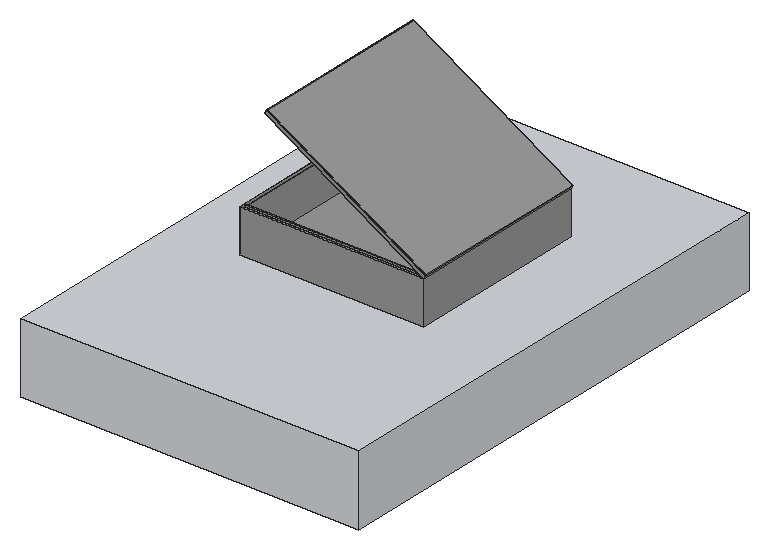
Revit family "Hager-Univers-IP44-D205-H800-Cl.II-Encl-ES-es", category Equipement électrique, Revit 2020
Family settings
  Hôte = Face
  Configuration du panneau = Deux colonnes, circuits au sein
  Cote de connecteur circulaire = Utiliser le diamètre
  Type d'élément = Tableau de raccordement
  Couper avec des vides une fois chargée = Non
  Partagée = Non
  Point de calcul de pièce = Non
Parameters (values of type "Montado superficial (escayola) IP44 A800 A800 P205  - FP53SN2")
  Width Control [instance] = if([EF000008 - Anchura] > Min Width, [EF000008 - Anchura], Min Width)  # 800 mm
  Commentaires du type = [HG000003 - Gama]  # "Univers"
  Thickness Door [instance] = if([EF009171 - Espesor puerta/tapa] > 3 mm, 3 mm, [EF009171 - Espesor puerta/tapa])  # 1 mm
  Seal Frame Offset [instance] = 17 mm  # constant formula
  Plinth Visibility [instance] = [HG000027 - Altura de zócalo] > 0 mm  # no
  Model = ""
  Min Width [instance] = 100 mm  # constant formula
  Min Height [instance] = 100 mm  # constant formula
  Min Depth [instance] = (2 * [EF009170 - Espesor del material de la caja]) + 1 mm  # 3 mm
  Internal Frame Depth [instance] = (Door System Depth * 0.5)  # 9 mm
  Height Control [instance] = if([EF000040 - Altura] > Min Height, [EF000040 - Altura], Min Height)  # 800 mm
  HG000027 - Altura de zócalo = 0 mm
  HG000026 - Instalación en suelo = no
  HG000024 - Altura de la sección inferior = 800 mm
  HG000023 - Caja de doble sección = no
  HG000016 - Visibilidad de la puerta 3D [instance] = yes
  HG000015 - Visibilidad a través de la puerta [instance] = no
  HG000014 - Puerta a la derecha [instance] = yes
  HG000013 - Puerta a la izquierda [instance] = not([HG000014 - Puerta a la derecha])  # no
  HG000012 - Ángulo de giro de la puerta [instance] = 30.00°
  HG000010 - Puertas asimétricas = no
  HG000009 - Puerta batiente doble = no
  HG000006 - Empotrado = no
  HG000004 - Referencia del fabricante = "FP53SN2"
  HG000003 - Gama = "Univers"
  HG000002 - Con puerta o tapa = yes
  Frame Offset Bottom [instance] = 10 mm  # constant formula
  Frame Offset [instance] = 15 mm  # constant formula
  EF015940 - Tapa con alivio de sobrepresión = no
  EF011959 - Grado de protección (NEMA) = ""
  EF009554 - Número de aberturas para placas-brida = 6
  Fabricant = "Hager"  # constant formula
  EF009212 - Versión de la cubierta = "EV000116 - Cerrado"
  EF009171 - Espesor puerta/tapa = 1 mm
  EF009170 - Espesor del material de la caja = 1 mm
  EF008873 - Corriente nominal (In) = 250 A
  EF007800 - Adecuado para la protección contra rayos = no
  EF006306 - Con cierre = no
  EF006244 - Tapa/puerta transparente = no
  EF005474 - Grado de protección (IP) = "EV006418 - IP44"
  EF004464 - Tipo de puerta = "EV002646 - Único"
  EF004427 - Número de módulos = 180
  EF004293 - Resistencia al impacto (IK) = "EV006815 - IK09"
  EF003532 - Adecuado para uso en exteriores = no
  EF002950 - Anchura de unidades de división = 36
  EF001613 - Integridad del circuito = "EV000494 - Ninguno"
  EF001596 - Material de la carcasa = "EV000179 - Acero"
  EF001131 - Profundidad interna = 130 mm
  EF001088 - Posibilidad de extensión = yes
  EF000437 - Número de entradas de conductos de cables = 6
  EF000339 - Tipo de cubierta = "EV004216 - Puerta"
  EF000266 - Número de filas = 5
  EF000218 - Profundidad de instalación = 205 mm
  EF000118 - Con placa de montaje = no
  EF000116 - Número RAL = "9010"
  EF000049 - Profundidad = 205 mm
  EF000040 - Altura = 800 mm
  EF000008 - Anchura = 800 mm
  EF000007 - Color = "EV000202 - Blanco"
  EF000003 - Tipo de montaje = "EV000384 - Montado superficial (escayola)"
  Door System Leaf Tolerance [instance] = 1.5 mm  # constant formula
  Door System Depth [instance] = 18 mm  # constant formula
  Door Height [instance] = Height Control - [HG000027 - Altura de zócalo]  # 800 mm
  Depth Control [instance] = if([EF000049 - Profundidad] > Min Depth, [EF000049 - Profundidad], Min Depth)  # 205 mm
  Default Elevation = 0 mm
  Connector Offset [instance] = Height Control / 2  # 400 mm
  Bottom Top Plate Trim [instance] = 1.5 mm  # constant formula
  Plinth height Ctrl [instance] = if([HG000027 - Altura de zócalo] > 0 mm, [HG000027 - Altura de zócalo], 12 mm)  # 12 mm
Types (5, lengths in mm): name | Width Control | HG000010 - Puertas asimétricas | HG000009 - Puerta batiente doble | HG000004 - Referencia del fabricante | EF009554 - Número de aberturas para placas-brida | EF004464 - Tipo de puerta | EF004427 - Número de módulos | EF002950 - Anchura de unidades de división | EF000437 - Número de entradas de conductos de cables | EF000339 - Tipo de cubierta | EF000008 - Anchura
  Montado superficial (escayola) IP44 A1050 A800 P205  - FP54SN2 | 1050 | no | yes | "FP54SN2" | 8 | "EV003602 - Doble" | 240 | 48 | 8 | "EV004216 - Puerta" | 1050
  Montado superficial (escayola) IP44 A1300 A800 P205  - FP55SN2 | 1300 | yes | yes | "FP55SN2" | 10 | "EV003602 - Doble" | 300 | 60 | 10 | "EV004216 - Puerta" | 1300
  Montado superficial (escayola) IP44 A300 A800 P205  - FP51SN2 | 300 | no | no | "FP51SN2" | 2 | "EV002646 - Único" | 60 | 12 | 2 | "EV001012 - Cubrir" | 300
  Montado superficial (escayola) IP44 A550 A800 P205  - FP52SN2 | 550 | no | no | "FP52SN2" | 4 | "EV002646 - Único" | 120 | 24 | 4 | "EV001012 - Cubrir" | 550
  Montado superficial (escayola) IP44 A800 A800 P205  - FP53SN2 | 800 | no | no | "FP53SN2" | 6 | "EV002646 - Único" | 180 | 36 | 6 | "EV004216 - Puerta" | 800
Reference planes
  plane 1 "Center (Front/Back)": y = 0
  plane 2: z = 0
  plane 3 "Center (Left/Right)": x = 0
  plane 4: z = 205
  plane 5: y = 1
  plane 6: y = 400
  plane 7: y = 0
  plane 8: y = 800
  plane 9: z = 0
  plane 10: x = -385
  plane 11: x = 385
  plane 12: x = 384
  plane 13: x = -384
  plane 14: y = 799
  plane 15: x = -383
  plane 16: x = -400
  plane 17: x = 383
  plane 18: x = 400
  plane 19: x = 399
  plane 20: x = -399
  plane 21: y = 11
  plane 22: y = 800
  plane 23: y = 784
  plane 24: z = 187
  plane 25: z = 1
  plane 26: z = 186
  plane 27: z = 204
Forms (mm)
  Extrusion 1, solid
    sketch origin (0, 0, 0) x (1, 0, 0) y (0, 1, 0)
      loop
        line (-702.964, 1305) -> (-702.964, -811.445) -> (766.763, -811.445) -> (766.763, 1305) -> (-702.964, 1305)
    from 0 to -304.8
  Extrusion 2, solid, material "Hager_Steel_RAL7035_Light_Grey", visible <- "Plinth Visibility", detail levels medium+fine
    sketch origin (0, 0, 0) x (1, 0, 0) y (0, 1, 0)
      loop
        line (-400, 0) -> (400, 0) -> (400, 12) -> (-400, 12) -> (-400, 0)
    from 0 to 187
  Extrusion 3, solid, material "Hager_Steel_RAL7035_Light_Grey", detail levels medium+fine
    sketch origin (0, 0, 0) x (1, 0, 0) y (0, 1, 0)
      loop
        line (-400, 0) -> (400, 0) -> (400, 800) -> (-400, 800) -> (-400, 0)
    from 0 to 187
  Extrusion 4, void
    sketch origin (0, 0, 0) x (1, 0, 0) y (0, 1, 0)
      loop
        line (-399, 1) -> (399, 1) -> (399, 799) -> (-399, 799) -> (-399, 1)
    from 1 to 186
  Extrusion 5, void
    sketch origin (-381.607, -4572, 187) x (0, -1, 0) y (-1, 0, 0)
      loop
        line (-4583, 2.393) -> (-5356, 2.393) -> (-5356, -765.607) -> (-4583, -765.607) -> (-4583, 2.393)
    from 0 to 1 <- "EF009170 - Espesor del material de la caja"
  Extrusion 6, solid, material "Hager_Steel_RAL7035_Light_Grey", detail levels fine
    sketch origin (0, 0, 187) x (1, 0, 0) y (0, 1, 0)
      loop
        line (-384, 784) -> (-384, 11) -> (384, 11) -> (384, 784) -> (-384, 784)
      loop
        line (-385, 10) -> (385, 10) -> (385, 785) -> (-385, 785) -> (-385, 10)
    from 0 to 9 <- "Internal Frame Depth"
  Extrusion 7, solid, material "Hager_Steel_RAL7035_Light_Grey", detail levels coarse
    sketch origin (0, 0, 0) x (1, 0, 0) y (0, 1, 0)
      loop
        line (-400, 0) -> (400, 0) -> (400, 800) -> (-400, 800) -> (-400, 0)
    from 0 to 205
  Sweep 8, void
    path in 3D
      loop
        line (-400, 12, 0) -> (400, 12, 0) -> (400, 12, 187) -> (-400, 12, 187) -> (-400, 12, 0)
    profile origin (-400, 12, 93.5) x (-1, 0, 0) y (0, -1, 0)
      loop
        line (0, 0) -> (0, 1.5) -> (-1.5, 1.5)
        arc (-1.5, 1.5) -> (-1.061, 0.439) -> (0, 0) r 1.5
Cuts and joins
  Extrusion 4, Extrusion 5 cuts Extrusion 3
  Sweep 8 cuts Extrusion 2
Lines and regions (mm)
  Masking region 1
    outline origin (0, 0, 0) x (1, 0, 0) y (0, 0, 1)
      loop
        line (-400, 205) -> (-400, 0) -> (400, 0) -> (400, 205) -> (-400, 205)
  Masking region 2, detail levels medium+fine
    outline origin (0, 140, 0) x (0, 1, 0) y (0, 0, 1)
      loop
        line (-140, 0) -> (660, 0) -> (660, 187) -> (-140, 187) -> (-140, 0)
  Masking region 3, not visible, detail levels medium+fine
    outline origin (0, 297.922, 0) x (0, 1, 0) y (0, 0, 1)
      loop
        line (113.578, 0) -> (153.578, 0) -> (153.578, 194)
        arc (153.578, 194) -> (150.649, 201.071) -> (143.578, 204) r 10
        line (143.578, 204) -> (113.578, 204) -> (113.578, 0)
  Masking region 4, detail levels coarse
    outline origin (0, 0, 180) x (0, 1, 0) y (0, 0, 1)
      loop
        line (0, -180) -> (800, -180) -> (800, 25) -> (0, 25) -> (0, -180)
  Masking region 5, visible <- "Plinth Visibility", detail levels medium+fine
    outline origin (0, 52.24, 12.345) x (0, 0, -1) y (0, 1, 0)
      loop
        line (10.845, -40.24) -> (-173.155, -40.24)
        arc (-173.155, -40.24) -> (-173.594, -41.301) -> (-174.655, -41.74) r 1.5
        line (-174.655, -41.74) -> (-174.655, -52.24) -> (12.345, -52.24) -> (12.345, -41.74)
        arc (12.345, -41.74) -> (11.285, -41.301) -> (10.845, -40.24) r 1.5
  Masking region 6, detail levels medium+fine
    outline origin (-381.607, -4572, 187) x (-1, 0, 0) y (0, -1, 0)
      loop
        line (18.393, -5372) -> (18.393, -4572) -> (-781.607, -4572) -> (-781.607, -5372) -> (18.393, -5372)
  Masking region 7, visible <- "Plinth Visibility", detail levels medium+fine
    outline origin (-381.607, -4727, 187) x (-1, 0, 0) y (0, -1, 0)
      loop
        arc (16.893, -4739) -> (17.332, -4737.939) -> (18.393, -4737.5) r 1.5
        line (18.393, -4737.5) -> (18.393, -4727) -> (-781.607, -4727) -> (-781.607, -4737.5)
        arc (-781.607, -4737.5) -> (-780.546, -4737.939) -> (-780.107, -4739) r 1.5
        line (-780.107, -4739) -> (16.893, -4739)
  Masking region 8, detail levels coarse
    outline origin (-442.548, -4669.526, 187) x (-1, 0, 0) y (0, -1, 0)
      loop
        line (-42.548, -5469.526) -> (-42.548, -4669.526) -> (-842.548, -4669.526) -> (-842.548, -5469.526) -> (-42.548, -5469.526)
  sketch lines
    curve 1: line (-400, 12, 187) -> (-400, 12, 0)
    curve 2: line (400, 12, 187) -> (-400, 12, 187)
    curve 3: line (400, 12, 187) -> (400, 12, 0)
    curve 4: line (-400, 12, 0) -> (400, 12, 0)
Dimensions and locks
  "Depth Control": plane 4 to Extrusion 1
  "HG000027 - Altura de zócalo": plane 1 "Center (Front/Back)" to plane 7
  "EF009170 - Espesor del material de la caja": plane 5 to plane 7
  locked: connector elem to plane 3 "Center (Left/Right)"
  equal spacing: plane 8, plane 6, plane 7
  locked: connector elem to plane 6
  "EF009170 - Espesor del material de la caja": plane 8 to plane 14
  "EF009170 - Espesor del material de la caja": plane 10 to plane 13
  "EF009170 - Espesor del material de la caja": plane 12 to plane 11
  "Frame Offset": plane 20 to plane 13
  "Frame Offset": plane 12 to plane 19
  "EF009170 - Espesor del material de la caja": plane 16 to plane 20
  "EF009170 - Espesor del material de la caja": plane 19 to plane 18
  "Seal Frame Offset": plane 16 to plane 15
  "Seal Frame Offset": plane 17 to plane 18
  "Frame Offset Bottom": plane 21 to plane 5
  "Frame Offset": plane 14 to plane 23
  equal spacing: plane 16, plane 3 "Center (Left/Right)", plane 18
  "Width Control": plane 16 to plane 18
  "EF009170 - Espesor del material de la caja": plane 4 to plane 27
  "EF009170 - Espesor del material de la caja": plane 24 to plane 26
  "EF009170 - Espesor del material de la caja": plane 25 to level
  "Door System Depth": plane 4 to plane 24
  "Height Control": plane 1 "Center (Front/Back)" to Extrusion 7 sketch curve
  "Height Control": Masking region 4 sketch curve to plane 1 "Center (Front/Back)"
  "Height Control": plane 1 "Center (Front/Back)" to plane 22
  "Bottom Top Plate Trim": profile plane to Sweep 8 sketch curve
  "Bottom Top Plate Trim": Sweep 8 sketch curve to profile plane
  "Plinth height Ctrl": plane 1 "Center (Front/Back)" to Extrusion 2 sketch curve
  "Plinth height Ctrl": Masking region 5 sketch curve to plane 1 "Center (Front/Back)"
  "Plinth height Ctrl": plane 1 "Center (Front/Back)" to Masking region 7 sketch curve
  "Thickness Door": Extrusion 6 sketch curve to Extrusion 6 sketch curve  (x3)
  "Thickness Door": cut or joined group of Extrusion 3, Extrusion 4, Extrusion 5 to Extrusion 6 sketch curve
  radius of Masking region 3 sketch curve = 10 mm
  "Bottom Top Plate Trim": radius of Masking region 5 sketch curve  (x2)
  "Bottom Top Plate Trim": radius of Sweep 8 sketch curve
  "Bottom Top Plate Trim": radius of Masking region 7 sketch curve  (x2)
  aligned and locked: plane 2 to Extrusion 1
  aligned and locked: level to Extrusion 1
  aligned and locked: level to Masking region 1 sketch curve
  aligned and locked: Masking region 1 sketch curve to plane 18
  aligned and locked: Masking region 1 sketch curve to plane 16
  aligned and locked: plane 7 to Masking region 2 sketch curve
  aligned and locked: level to Masking region 3 sketch curve
  aligned and locked: Masking region 3 sketch curve to plane 27
  aligned and locked: level to Masking region 2 sketch curve
  aligned and locked: plane 1 "Center (Front/Back)" to Extrusion 2 sketch curve
  aligned and locked: Extrusion 3 sketch curve to plane 7
  aligned and locked: plane 16 to Extrusion 3 sketch curve
  aligned and locked: plane 18 to Extrusion 3 sketch curve
  aligned and locked: plane 20 to Extrusion 4 sketch curve
  aligned and locked: plane 19 to Extrusion 4 sketch curve
  aligned and locked: Extrusion 4 sketch curve to plane 5
  aligned and locked: Extrusion 4 to plane 25
  aligned and locked: plane 26 to Extrusion 4
  aligned and locked: plane 24 to Extrusion 3
  aligned and locked: Extrusion 5 sketch curve to plane 21
  aligned and locked: Extrusion 5 sketch curve to plane 13
  aligned and locked: Extrusion 5 sketch curve to plane 12
  aligned and locked: plane 18 to Extrusion 7 sketch curve
  aligned and locked: plane 1 "Center (Front/Back)" to Extrusion 7 sketch curve
  aligned and locked: plane 16 to Extrusion 7 sketch curve
  aligned and locked: plane 4 to Extrusion 7
  aligned and locked: Extrusion 7 to level
  aligned and locked: level to Masking region 4 sketch curve
  aligned and locked: Masking region 4 sketch curve to plane 1 "Center (Front/Back)"
  aligned and locked: Masking region 4 sketch curve to plane 4
  aligned and locked: nested 1 to level
  aligned and locked: nested 1 to plane 16
  aligned and locked: plane 8 to Extrusion 3 sketch curve
  aligned and locked: plane 23 to Extrusion 5 sketch curve
  aligned and locked: plane 14 to Extrusion 4 sketch curve
  aligned and locked: Masking region 2 sketch curve to plane 8
  aligned and locked: level to Masking region 5 sketch curve
  aligned and locked: plane 16 to Extrusion 2 sketch curve
  aligned and locked: plane 18 to Extrusion 2 sketch curve
  aligned and locked: Masking region 5 sketch curve to plane 24
  aligned and locked: Masking region 2 sketch curve to plane 24
  aligned and locked: plane 24 to Extrusion 2
  aligned and locked: profile plane to Sweep 8 sketch curve  (x2)
  aligned and locked: Masking region 6 sketch curve to plane 18
  aligned and locked: Masking region 6 sketch curve to plane 22
  aligned and locked: Masking region 6 sketch curve to plane 16
  aligned and locked: plane 8 to plane 22
  aligned and locked: Masking region 6 sketch curve to plane 7
  aligned and locked: Masking region 7 sketch curve to plane 16
  aligned and locked: Masking region 7 sketch curve to plane 1 "Center (Front/Back)"
  aligned and locked: Masking region 7 sketch curve to plane 18
  aligned and locked: Masking region 8 sketch curve to plane 1 "Center (Front/Back)"
  aligned and locked: Masking region 8 sketch curve to plane 18
  aligned and locked: Masking region 8 sketch curve to plane 22
  aligned and locked: Masking region 8 sketch curve to plane 16
  aligned and locked: nested 2 to plane 7
  aligned and locked: plane 3 "Center (Left/Right)" to nested 2
  aligned and locked: nested 2 to plane 24
  aligned and locked: Extrusion 6 sketch curve to cut or joined group of Extrusion 3, Extrusion 4, Extrusion 5  (x4)
Automatic sketch dimensions
  Extrusion 1 sketch curve to Extrusion 1 sketch curve = 1469.727 mm
  Extrusion 1 sketch curve to Extrusion 1 sketch curve = 2116.445 mm
  Masking region 1 sketch curve to plane 4 = 0 mm
  plane 6 to Masking region 3 sketch curve = 11.5 mm
  Masking region 3 sketch curve to Masking region 3 sketch curve = 30 mm
  Masking region 5 sketch curve to plane 1 "Center (Front/Back)" = 0 mm
Nested families
  nested 1: "Hager_Enclosure_Symbol" at (-400, 0, 0) x (1, 0, 0) z (0, -1, 0), Height <- "Depth Control", Width <- "Width Control", type "Hager_Enclosure_Symbol"
    with Width_Ctrl 800 mm, Width 800 mm, Height_Ctrl 205 mm, Height 205 mm, A_Width_Int 13.453 mm, A_Width 161.438 mm, A_Height_Ctrl 179.375 mm, A_Height 179.375 mm
  nested 2: "EC000058_Univers_Door" at (0, 0, 187) x (1, 0, 0) z (0, 1, 0), Leaf_Tolerance <- "Door System Leaf Tolerance", Angle <- "HG000012 - Ángulo de giro de la puerta", Door_Depth <- "Door System Depth", Door_Left <- "HG000013 - Puerta a la izquierda", Transparent <- "EF006244 - Tapa/puerta transparente", Assymetrical <- "HG000010 - Puertas asimétricas", Width <- "Width Control", Clearance <- "HG000015 - Visibilidad a través de la puerta", Double <- "HG000009 - Puerta batiente doble", 3d_Door <- "HG000016 - Visibilidad de la puerta 3D", Lock_Visibility <- "EF006306 - Con cierre", Width_Ctrl <- "Width Control", Door_Right <- "HG000014 - Puerta a la derecha", Door <- "HG000002 - Con puerta o tapa", Height <- "Door Height", Thickness <- "Thickness Door", type "EC000058_Univers_Door", detail levels medium+fine
    with min_wh 3 mm, Width_Ctrl 800 mm, Width 800 mm, Transparent no, Thickness 1 mm, Seal_Material Hager_Rubber, Lock_Visibility no, Lock_Material Hager_Plastic_RAL9005_Jet_Black, Leaf_Width 800 mm, Leaf_Tolerance_External_Sides 0 mm, Leaf_Tolerance 1.5 mm, Leaf_Offset 0 mm, Leaf_Height 797 mm, Leaf_2_Width 800 mm, Leaf_2_Offset 400 mm, Leaf_1_Width 800 mm, Leaf_1_Offset 400 mm, Height_Ctrl 800 mm, Height 800 mm, Glass_Material Hager_Glass, Double_Clearance_Ctrl no, Double no, Door_Right_Ctrl yes, Door_Right yes, Door_Material Hager_Steel_RAL7035_Light_Grey, Door_Left_Ctrl no, Door_Left no, Door_Depth 18 mm, Door yes, Clearance_Material Hager_Clearance, Clearance_Depth 800 mm, Clearance_Ctrl no, Clearance no, Assymetrical no, Angle 30.00°, 3d_Door yes
Connectors
  electrical at (0, 400, 0)
    settings: on plane 9, index 1, voltage 0 V, apparent load 0 VA, apparent load phase1 0 VA, apparent load phase2 0 VA, apparent load phase3 0 VA, power factor 1, load classification "Other", number of poles 1, system type 30, power factor state 1, is connector primary yes, connector utility no, sub classification motor no, connector description ""
Definition of nested family "EC000058_Univers_Door"
  Parameters (values of type "EC000058_Univers_Door")
    min_wh [instance] = (2 * Thickness) + 1 mm  # 11 mm
    Width_Ctrl [instance] = 400 mm
    Width [instance] = 500 mm
    Transparent [instance] = yes
    Thickness [instance] = 5 mm
    Seal_Material [instance] = none
    Lock_Visibility [instance] = yes
    Lock_Material [instance] = none
    Leaf_Width [instance] = if((Width_Ctrl - 2 * Leaf_Tolerance_External_Sides) > 0 mm, (Width_Ctrl - 2 * Leaf_Tolerance_External_Sides), min_wh)  # 400 mm
    Leaf_Tolerance_External_Sides [instance] = 0 mm  # constant formula
    Leaf_Tolerance [instance] = 1.5 mm
    Leaf_Offset [instance] = 0 mm  # constant formula
    Leaf_Height [instance] = if((Height_Ctrl - 2 * Leaf_Tolerance) > 0 mm, (Height_Ctrl - 2 * Leaf_Tolerance), min_wh)  # 497 mm
    Leaf_2_Width [instance] = if(and(and(Double, Assymetrical), Door_Left), (Leaf_Width / 3) - (Leaf_Tolerance / 2), if(and(and(Double, Assymetrical), Door_Right), (Leaf_Width / 3) * 2 - (Leaf_Tolerance / 2), if(and(Double, not(Assymetrical)), (Leaf_Width / 2) - Leaf_Tolerance, Leaf_Width)))  # 400 mm
    Leaf_2_Offset [instance] = if(and(Double, Assymetrical), Leaf_2_Width / 2, if(and(Double, not(Assymetrical)), Leaf_Width / 4, Leaf_Width / 2))  # 200 mm
    Leaf_1_Width [instance] = if(and(and(Double, Assymetrical), Door_Right), (Leaf_Width / 3) - (Leaf_Tolerance / 2), if(and(and(Double, Assymetrical), Door_Left), (Width / 3) * 2 - (Leaf_Tolerance / 2), if(and(Double, not(Assymetrical)), (Leaf_Width / 2) - Leaf_Tolerance, Leaf_Width)))  # 400 mm
    Leaf_1_Offset [instance] = if(and(Double, Assymetrical), Leaf_1_Width / 2, if(and(Double, not(Assymetrical)), Leaf_Width / 4, Leaf_Width / 2))  # 200 mm
    Height_Ctrl [instance] = if(Height > min_wh, Height, min_wh)  # 500 mm
    Height [instance] = 500 mm
    Glass_Material [instance] = none
    Double_Clearance_Ctrl [instance] = and(Double, Clearance)  # no
    Double [instance] = no
    Door_Right_Ctrl [instance] = and(or(Door_Right, Double), Door)  # yes
    Door_Right [instance] = yes
    Door_Material [instance] = none
    Door_Left_Ctrl [instance] = and(or(Door_Left, Double), Door)  # no
    Door_Left [instance] = no
    Door_Depth [instance] = 30 mm
    Door [instance] = yes
    Default Elevation = 1219.2 mm
    Clearance_Material [instance] = none
    Clearance_Depth [instance] = if(Leaf_1_Width > Leaf_2_Width, Leaf_1_Width, Leaf_2_Width)  # 400 mm
    Clearance_Ctrl [instance] = and(not(Double), Clearance)  # yes
    Clearance [instance] = yes
    Assymetrical [instance] = yes
    Angle [instance] = 30.00°
    3d_Door [instance] = yes
  Reference planes
    plane 1 "Center (Front/Back)": y = 0
    plane 2 "Bottom": z = 0
    plane 3 "Center (Left/Right)": x = 0
    plane 4: z = 500
    plane 5: x = -200
    plane 6: x = 200
    plane 7: z = 500
    plane 8: x = -200
    plane 9: z = 0
    plane 10: x = 200
    plane 11: y = 0
    plane 12: z = 1.5
    plane 13: x = -600
    plane 14: y = -400
    plane 15: x = 600
    plane 16: x = 0
    plane 17: x = 0
    plane 18: x = -200
    plane 19: x = 200
    plane 20: z = 498.5
  Forms (mm)
    Extrusion 1, solid, material <- "Clearance_Material", visible <- "Double_Clearance_Ctrl"
      sketch origin (1200, 0, 0) x (1, 0, 0) y (0, 0, -1)
        loop
          line (-1800, -498.5) -> (-600, -498.5) -> (-600, 0) -> (-1800, 0) -> (-1800, -498.5)
      from 0 to -400
  Dimensions and locks
    equal spacing: plane 5, plane 3 "Center (Left/Right)", plane 6
    "Width_Ctrl": plane 5 to plane 6
    "Leaf_Offset": plane 5 to plane 8
    "Leaf_Offset": plane 6 to plane 10
    "Leaf_Offset": plane 9 to level
    "Leaf_Offset": plane 4 to plane 7
    "Height_Ctrl": plane 4 to level
    "Leaf_Tolerance": plane 12 to plane 9
    locked: plane 11 to plane 1 "Center (Front/Back)"
    "Leaf_1_Offset": plane 18 to plane 16
    "Leaf_2_Offset": plane 17 to plane 19
    "Leaf_1_Width": plane 13 to plane 8
    "Leaf_2_Width": plane 10 to plane 15
    "Clearance_Depth": plane 14 to plane 1 "Center (Front/Back)"
    "Leaf_Tolerance_External_Sides": plane 8 to plane 18
    "Leaf_Tolerance_External_Sides": plane 19 to plane 10
    "Leaf_Tolerance": plane 7 to plane 20
    aligned and locked: level to plane 2 "Bottom"
    aligned and locked: nested 1 to plane 16
    aligned and locked: nested 2 to plane 17
    aligned and locked: Extrusion 1 to plane 13
    aligned and locked: plane 15 to Extrusion 1
    aligned and locked: Extrusion 1 to plane 14
    aligned and locked: plane 12 to nested 1
    aligned and locked: nested 2 to plane 12
    aligned and locked: Extrusion 1 to plane 11
    aligned and locked: plane 20 to Extrusion 1
    aligned and locked: nested 2 to plane 11
    aligned and locked: nested 1 to plane 11
  Automatic sketch dimensions
    Extrusion 1 sketch curve to level = 0 mm
    plane 5 to Extrusion 1 sketch curve = 400 mm
    plane 6 to Extrusion 1 sketch curve = 400 mm
    Extrusion 1 sketch curve to plane 4 = 1.5 mm
  Nested families
    nested 1: "EC000058_Univers_Door_Leaf" at (0, 0, 1.5), Width <- "Leaf_1_Width", visible <- "Door_Left_Ctrl", Leaf_Height <- "Leaf_Height", Angle <- "Angle", 3d_Door <- "3d_Door", Transparent <- "Transparent", Clearance Material <- "Clearance_Material", Clearance <- "Clearance_Ctrl", Door_Material <- "Door_Material", Glass_Material <- "Glass_Material", Door_Depth <- "Door_Depth", Lock_Material <- "Lock_Material", Seal_Material <- "Seal_Material", Lock_Visibility <- "Lock_Visibility", Thickness <- "Thickness", type "EC000058_Univers_Door_Leaf"
      with Width 400 mm, Transparent_Glass_Offset 30 mm, Transparent_Ctrl yes, Transparent yes, Thickness 5 mm, Standard no, Seal_Material none, Seal_D2 8 mm, Seal_D1 1 mm, Offset_Internal_Frame 10 mm, Lock_Width 20 mm, Lock_Visibility_3d yes, Lock_Visibility yes, Lock_Thickness_3 3 mm, Lock_Thickness_2 1 mm, Lock_Thickness_1 3 mm, Lock_Radius_Offset_2 16 mm, Lock_Radius_Offset_1 15 mm, Lock_Radius_2 5 mm, Lock_Radius 6 mm, Lock_Offset 5 mm, Lock_Material none, Lock_Height 80 mm, Lock_Cover_Top_Offset_2d 17 mm, Lock_Cover_Height -65 mm, Leaf_Height 497 mm, Internal_Seal_Thickness 8 mm, Internal_Seal_Depth_2 4.5 mm, Internal_Frame_Depth 25 mm, Glass_Thickness -1 mm, Glass_Offset -2 mm, Glass_Material none, Door_Material none, Door_Depth 30 mm, Clearance Material none, Clearance yes, Angle_Ctrl 30.00°, Angle 30.00°, 3d_Door yes
    nested 2: "EC000058_Univers_Door_Leaf" at (0, 0, 1.5) x (-1, 0, 0) z (0, 0, 1), Width <- "Leaf_2_Width", visible <- "Door_Right_Ctrl", Leaf_Height <- "Leaf_Height", Angle <- "Angle", 3d_Door <- "3d_Door", Transparent <- "Transparent", Clearance Material <- "Clearance_Material", Clearance <- "Clearance_Ctrl", Door_Material <- "Door_Material", Glass_Material <- "Glass_Material", Door_Depth <- "Door_Depth", Lock_Material <- "Lock_Material", Seal_Material <- "Seal_Material", Lock_Visibility <- "Lock_Visibility", Thickness <- "Thickness", type "EC000058_Univers_Door_Leaf"
      with Width 400 mm, Transparent_Glass_Offset 30 mm, Transparent_Ctrl yes, Transparent yes, Thickness 5 mm, Standard no, Seal_Material none, Seal_D2 8 mm, Seal_D1 1 mm, Offset_Internal_Frame 10 mm, Lock_Width 20 mm, Lock_Visibility_3d yes, Lock_Visibility yes, Lock_Thickness_3 3 mm, Lock_Thickness_2 1 mm, Lock_Thickness_1 3 mm, Lock_Radius_Offset_2 16 mm, Lock_Radius_Offset_1 15 mm, Lock_Radius_2 5 mm, Lock_Radius 6 mm, Lock_Offset 5 mm, Lock_Material none, Lock_Height 80 mm, Lock_Cover_Top_Offset_2d 17 mm, Lock_Cover_Height -65 mm, Leaf_Height 497 mm, Internal_Seal_Thickness 8 mm, Internal_Seal_Depth_2 4.5 mm, Internal_Frame_Depth 25 mm, Glass_Thickness -1 mm, Glass_Offset -2 mm, Glass_Material none, Door_Material none, Door_Depth 30 mm, Clearance Material none, Clearance yes, Angle_Ctrl 30.00°, Angle 30.00°, 3d_Door yes
  Definition of nested family "EC000058_Univers_Door_Leaf"
    Parameters (values of type "EC000058_Univers_Door_Leaf")
      Width [instance] = 2000 mm
      Transparent_Glass_Offset [instance] = 30 mm
      Transparent_Ctrl [instance] = and(Transparent, [3d_Door])  # yes
      Transparent [instance] = yes
      Thickness [instance] = 5 mm
      Standard [instance] = and(not(Transparent), [3d_Door])  # no
      Seal_Material [instance] = none
      Seal_D2 [instance] = 8 mm  # constant formula
      Seal_D1 [instance] = 1 mm  # constant formula
      Offset_Internal_Frame [instance] = 10 mm  # constant formula
      Lock_Width [instance] = 20 mm  # constant formula
      Lock_Visibility_3d [instance] = and(Lock_Visibility, [3d_Door])  # yes
      Lock_Visibility [instance] = yes
      Lock_Thickness_3 [instance] = 3 mm  # constant formula
      Lock_Thickness_2 [instance] = 1 mm  # constant formula
      Lock_Thickness_1 [instance] = 3 mm  # constant formula
      Lock_Radius_Offset_2 [instance] = Lock_Radius_Offset_1 + 1 mm  # 16 mm
      Lock_Radius_Offset_1 [instance] = 15 mm  # constant formula
      Lock_Radius_2 [instance] = Lock_Radius - 1 mm  # 5 mm
      Lock_Radius [instance] = 6 mm  # constant formula
      Lock_Offset [instance] = 5 mm  # constant formula
      Lock_Material [instance] = none
      Lock_Height [instance] = 80 mm  # constant formula
      Lock_Cover_Top_Offset_2d [instance] = Lock_Radius_Offset_2 + 1 mm  # 17 mm
      Lock_Cover_Height [instance] = -(Lock_Height - Lock_Radius_Offset_1)  # -65 mm
      Leaf_Height [instance] = 2720.336 mm
      Internal_Seal_Thickness [instance] = 8 mm  # constant formula
      Internal_Seal_Depth_2 [instance] = 4.5 mm  # constant formula
      Internal_Frame_Depth [instance] = if(Door_Depth - Thickness > 5 mm, Door_Depth - Thickness, 5 mm)  # 25 mm
      Glass_Thickness [instance] = if(Thickness > 15 mm, Glass_Offset + 10 mm, -1 mm)  # -1 mm
      Glass_Offset [instance] = if(Thickness > 15 mm, -(Thickness + 10 mm) / 2, -2 mm)  # -2 mm
      Glass_Material [instance] = none
      Door_Material [instance] = none
      Door_Depth [instance] = 30 mm
      Default Elevation = 0 mm
      Clearance Material [instance] = none
      Clearance [instance] = yes
      Angle_Ctrl [instance] = if(Angle > 180.00°, 180.00°, Angle)  # 90.00°
      Angle [instance] = 90.00°
      3d_Door [instance] = yes
    Reference planes
      plane 1 "Center (Front/Back)": y = 0
      plane 2: z = 0
      plane 3 "Center (Left/Right)": x = 0
      plane 4: y = 2000
      plane 5: x = -1000
      plane 6: x = 1000
      plane 7: x = -3000
      plane 8: z = 2720.336
      plane 9: z = 30
      plane 10: z = 2690.336
      plane 11: x = 970
      plane 12: x = -970
      plane 13: y = -3
      plane 14: z = 107.833
      plane 15: y = -5
      plane 16: y = -223.314
      plane 17: x = -1000
      plane 18: z = 1360.168
      plane 19: y = 30
    Forms (mm)
      Extrusion 1, solid, material <- "Clearance Material", visible <- "Clearance"
        sketch origin (0, 0, 0) x (1, 0, 0) y (0, 0, 1)
          loop
            line (-3000, 2720.336) -> (-3000, 0) -> (1000, 0) -> (1000, 2720.336) -> (-3000, 2720.336)
        from 0 to -2000
      Extrusion 2, solid, material <- "Door_Material", visible <- "Standard", detail levels medium+fine
        sketch origin (-1000, 0, 0) x (0, 1, 0) y (-1, 0, 0)
          loop
            line (0, 30) -> (0, 25) -> (2000, 25) -> (2000, 30) -> (0, 30)
        from 0 to 2720.336 <- "Leaf_Height"
      Extrusion 3, solid, material <- "Door_Material", visible <- "Transparent_Ctrl", detail levels medium+fine
        sketch origin (-1000, 0, 0) x (0, 1, 0) y (-1, 0, 0)
          loop
            line (0, 25) -> (2000, 25) -> (2000, 30) -> (0, 30) -> (0, 25)
        from 0 to 2720.336 <- "Leaf_Height"
      Extrusion 4, void
        sketch origin (-1025, 2000, 0) x (0, 1, 0) y (0, 0, -1)
          loop
            line (-30, -2690.336) -> (-30, -30) -> (-1970, -30) -> (-1970, -2690.336) -> (-30, -2690.336)
        from 0 to 5 <- "Thickness"
      Sweep 5, solid, material <- "Seal_Material", visible <- "Transparent_Ctrl", detail levels fine
        path in 3D
          loop
            line (-1025, 30, 30) -> (-1025, 30, 2690.336) -> (-1025, 1970, 2690.336) -> (-1025, 1970, 30) -> (-1025, 30, 30)
        profile origin (-1025, 1000, 30) x (1, 0, 0) y (0, 0, 1)
          loop
            line (0, 0) -> (0, -8) -> (1, -8) -> (1, 0) -> (0, 0)
      Extrusion 6, solid, material <- "Glass_Material", visible <- "Transparent_Ctrl", detail levels medium+fine
        sketch origin (-1030, 0, 0) x (0, 1, 0) y (0, 0, -1)
          loop
            line (1970, -2690.336) -> (1970, -30) -> (30, -30) -> (30, -2690.336) -> (1970, -2690.336)
        from -2 <- "Glass_Offset" to -1 <- "Glass_Thickness"
      Extrusion 7, solid, material <- "Door_Material", visible <- "3d_Door", detail levels medium+fine
        sketch origin (-1025, 2000, 0) x (0, -1, 0) y (0, 0, -1)
          loop
            line (0, -2720.336) -> (2000, -2720.336) -> (2000, 0) -> (0, 0) -> (0, -2720.336)
          loop
            line (1995, -5) -> (5, -5) -> (5, -2715.336) -> (1995, -2715.336) -> (1995, -5)
        from 0 to 25 <- "Internal_Frame_Depth"
      Sweep 8, solid, material <- "Seal_Material", visible <- "Transparent_Ctrl", detail levels fine
        path in 3D
          loop
            line (-1025, 0, 0) -> (-1025, 2000, 0) -> (-1025, 2000, 2720.336) -> (-1025, 0, 2720.336) -> (-1025, 0, 0)
        profile origin (-1025, 0, 1360.168) x (1, 0, 0) y (0, 1, 0)
          loop
            line (0, 10) -> (2.975, 10)
            arc (2.975, 10) -> (4.053, 10.447) -> (4.5, 11.525) r 1.525
            line (4.5, 11.525) -> (4.5, 16.527)
            arc (4.5, 16.527) -> (4.069, 17.569) -> (3.027, 18) r 1.473
            line (3.027, 18) -> (0, 18) -> (0, 10)
      Extrusion 9, solid, material <- "Lock_Material", visible <- "Lock_Visibility_3d", detail levels fine
        sketch origin (-1030, 0, 0) x (0, 1, 0) y (0, 0, -1)
          loop
            arc (1993.5, -1400.168) -> (1994.561, -1399.729) -> (1995, -1398.668) r 1.5
            line (1995, -1398.668) -> (1995, -1320.168) -> (1975, -1320.168) -> (1975, -1398.668)
            arc (1975, -1398.668) -> (1975.439, -1399.729) -> (1976.5, -1400.168) r 1.5
            line (1976.5, -1400.168) -> (1993.5, -1400.168)
        from 3 <- "Lock_Thickness_1" to 0
      Blend 10, solid, material <- "Lock_Material", visible <- "Lock_Visibility_3d", detail levels fine
        base sketch origin (-1033, 0, 0) x (0, 1, 0) y (0, 0, -1)
          loop
            line (1975, -1320.168) -> (1975, -1398.668)
            arc (1975, -1398.668) -> (1975.439, -1399.729) -> (1976.5, -1400.168) r 1.5
            line (1976.5, -1400.168) -> (1993.5, -1400.168)
            arc (1993.5, -1400.168) -> (1994.561, -1399.729) -> (1995, -1398.668) r 1.5
            line (1995, -1398.668) -> (1995, -1320.168) -> (1975, -1320.168)
        top sketch origin (-1033, 0, 0) x (0, 1, 0) y (0, 0, -1)
          loop
            line (1976, -1320.168) -> (1976, -1398.668)
            arc (1976, -1398.668) -> (1976.146, -1399.022) -> (1976.5, -1399.168) r 0.5
            line (1976.5, -1399.168) -> (1993.5, -1399.168)
            arc (1993.5, -1399.168) -> (1993.854, -1399.022) -> (1994, -1398.668) r 0.5
            line (1994, -1398.668) -> (1994, -1320.168) -> (1976, -1320.168)
        from 0 to 1 <- "Lock_Thickness_2"
      Blend 11, solid, material <- "Lock_Material", visible <- "Lock_Visibility_3d", detail levels fine
        base sketch origin (-1034, 0, 0) x (0, 1, 0) y (0, 0, -1)
          loop
            line (1978, -1320.168) -> (1978, -1384.168)
            arc (1978, -1384.168) -> (1985, -1391.168) -> (1992, -1384.168) r 7
            line (1992, -1384.168) -> (1992, -1320.168) -> (1978, -1320.168)
        top sketch origin (-1034, 0, 0) x (0, 1, 0) y (0, 0, -1)
          loop
            line (1991, -1320.168) -> (1979, -1320.168) -> (1979, -1383.168)
            arc (1979, -1383.168) -> (1985, -1389.168) -> (1991, -1383.168) r 6
            line (1991, -1383.168) -> (1991, -1320.168)
        from 0 to 3 <- "Lock_Thickness_3"
      Extrusion 12, solid, material <- "Lock_Material", visible <- "Lock_Visibility_3d", detail levels fine
        sketch origin (-1030, 1975, 1320.168) x (1, 0, 0) y (0, -1, 0)
          loop
            line (-7, -19) -> (-7, -1) -> (0, -1) -> (0, 0) -> (-8, 0) -> (-8, -20) -> (0, -20) -> (0, -19) -> (-7, -19)
        from 0 to -65 <- "Lock_Cover_Height"
      Extrusion 13, void
        sketch origin (-1038, 1995, 1320.168) x (-1, 0, 0) y (0, 0, -1)
          loop
            line (-5, -65) -> (0, -65) -> (-5, -60) -> (-5, -65)
        from 0 to 20 <- "Lock_Width"
      Extrusion 14, void
        sketch origin (-1038, 1975, 1320.168) x (0, -1, 0) y (0, 0, -1)
          loop
            circle (-10, -15.995) r 6
          loop
            circle (-10, -15.995) r 5
        from 0 to 2
      Extrusion 15, solid, material <- "Lock_Material", visible <- "Lock_Visibility_3d", detail levels medium
        sketch origin (-1030, 0, 0) x (0, 1, 0) y (0, 0, -1)
          loop
            arc (1993.5, -1400.168) -> (1994.561, -1399.729) -> (1995, -1398.668) r 1.5
            line (1995, -1398.668) -> (1995, -1320.168) -> (1975, -1320.168) -> (1975, -1398.668)
            arc (1975, -1398.668) -> (1975.439, -1399.729) -> (1976.5, -1400.168) r 1.5
            line (1976.5, -1400.168) -> (1993.5, -1400.168)
        from 8 to 0
    Cuts and joins
      Extrusion 4 cuts Extrusion 3
      Extrusion 13, Extrusion 14 cuts Extrusion 9
      Extrusion 14 cuts Blend 11
      Extrusion 13, Extrusion 14 cuts Extrusion 12
      joined: Extrusion 9, Blend 10, Blend 11, Extrusion 12
      Extrusion 14 cuts Extrusion 15
    Lines and regions (mm)
      Masking region 1, visible <- "Lock_Visibility", detail levels fine
        outline origin (0, 0, 0) x (0, 1, 0) y (0, 0, 1)
          loop
            line (30, 1320.168) -> (33, 1320.168) -> (33, 1400.168) -> (30, 1400.168) -> (30, 1320.168)
      Masking region 2, visible <- "Lock_Visibility", detail levels fine
        outline origin (0, 3.143, 0) x (0, 1, 0) y (0, 0, 1)
          loop
            line (29.857, 1354.168) -> (30.857, 1354.168) -> (30.857, 1366.168) -> (29.857, 1366.168) -> (29.857, 1354.168)
      Masking region 3, detail levels medium+fine
        outline origin (0, 0, 0) x (0, 1, 0) y (0, 0, 1)
          loop
            line (0, 0) -> (30, 0) -> (30, 2720.336) -> (0, 2720.336) -> (0, 0)
      Masking region 4, detail levels medium+fine
        outline origin (0, 0, 0) x (1, 0, 0) y (0, 0, 1)
          loop
            line (-1000, 2720.336) -> (-1000, 0) -> (1000, 0) -> (1000, 2720.336) -> (-1000, 2720.336)
      Masking region 5, visible <- "Lock_Visibility", detail levels fine
        outline origin (-47.116, 0, 0) x (1, 0, 0) y (0, 0, 1)
          loop
            arc (1024.616, 1399.168) -> (1023.556, 1398.729) -> (1023.116, 1397.668) r 1.5
            line (1023.116, 1397.668) -> (1023.116, 1320.168) -> (1041.116, 1320.168) -> (1041.116, 1397.668)
            arc (1041.116, 1397.668) -> (1040.677, 1398.729) -> (1039.616, 1399.168) r 1.5
            line (1039.616, 1399.168) -> (1024.616, 1399.168)
      Masking region 6, visible <- "Lock_Visibility", detail levels medium+fine
        outline origin (-25, 0, 0) x (1, 0, 0) y (0, 0, 1)
          loop
            arc (1001.5, 1400.168) -> (1000.439, 1399.729) -> (1000, 1398.668) r 1.5
            line (1000, 1398.668) -> (1000, 1320.168) -> (1020, 1320.168) -> (1020, 1398.668)
            arc (1020, 1398.668) -> (1019.561, 1399.729) -> (1018.5, 1400.168) r 1.5
            line (1018.5, 1400.168) -> (1001.5, 1400.168)
      Masking region 7, visible <- "Lock_Visibility", detail levels fine
        outline origin (-73.735, 0, 0) x (1, 0, 0) y (0, 0, 1)
          loop
            line (1051.735, 1382.168) -> (1065.735, 1382.168) -> (1065.735, 1384.168)
            arc (1065.735, 1384.168) -> (1058.735, 1391.168) -> (1051.735, 1384.168) r 7
            line (1051.735, 1384.168) -> (1051.735, 1382.168)
      Masking region 8, visible <- "Lock_Visibility", detail levels fine
        outline origin (-73.735, 0, 0) x (1, 0, 0) y (0, 0, 1)
          loop
            line (1052.735, 1382.168) -> (1064.735, 1382.168) -> (1064.735, 1383.168)
            arc (1064.735, 1383.168) -> (1058.735, 1389.168) -> (1052.735, 1383.168) r 6
            line (1052.735, 1383.168) -> (1052.735, 1382.168)
      Masking region 9, visible <- "Lock_Visibility", detail levels fine
        outline origin (-25, 0, 0) x (1, 0, 0) y (0, 0, 1)
          loop
            line (1020, 1320.168) -> (1020, 1382.168) -> (1000, 1382.168) -> (1000, 1320.168) -> (1020, 1320.168)
      Masking region 10, detail levels medium+fine
        outline origin (0, 0, 0) x (1, 0, 0) y (0, 0, 1)
          loop
            circle (985, 1335.144) r 6
      Masking region 11, detail levels fine
        outline origin (0, 0, 0) x (1, 0, 0) y (0, 0, 1)
          loop
            circle (985, 1335.144) r 5
      Masking region 12, visible <- "Lock_Visibility", detail levels fine
        outline origin (0, 12.767, 0) x (0, 1, 0) y (0, 0, 1)
          loop
            line (20.233, 1320.168) -> (21.233, 1320.168) -> (21.233, 1399.168) -> (20.233, 1400.168) -> (20.233, 1320.168)
      Masking region 13, visible <- "Lock_Visibility", detail levels fine
        outline origin (0, 13.767, -10) x (0, 1, 0) y (0, 0, 1)
          loop
            line (20.233, 1330.168) -> (23.233, 1330.168) -> (23.233, 1399.168) -> (20.233, 1402.168) -> (20.233, 1330.168)
      Masking region 14, visible <- "Lock_Visibility", detail levels fine
        outline origin (0, 12.767, -10) x (0, 1, 0) y (0, 0, 1)
          loop
            line (20.233, 1330.168) -> (25.233, 1330.168) -> (25.233, 1399.305) -> (20.233, 1394.305) -> (20.233, 1330.168)
      Masking region 15, visible <- "Lock_Visibility", detail levels medium
        outline origin (0, 0, 0) x (0, 1, 0) y (0, 0, 1)
          loop
            line (30, 1320.168) -> (38, 1320.168) -> (38, 1400.168) -> (30, 1400.168) -> (30, 1320.168)
      Masking region 16, visible <- "Lock_Visibility", detail levels fine
        outline origin (-1000, 0, 0) x (0, 1, 0) y (-1, 0, 0)
          loop
            line (1975, 30) -> (1995, 30) -> (1995, 38) -> (1975, 38) -> (1975, 30)
          loop
            line (1979, 37) -> (1976, 37) -> (1976, 34) -> (1978, 34) -> (1979, 37)
          loop
            line (1994, 37) -> (1991, 37) -> (1992, 34) -> (1994, 34) -> (1994, 37)
      Masking region 17, visible <- "Lock_Visibility", detail levels medium
        outline origin (-1000, 0, 0) x (0, 1, 0) y (-1, 0, 0)
          loop
            line (1975, 30) -> (1995, 30) -> (1995, 38) -> (1975, 38) -> (1975, 30)
      symbolic lines
        curve 1: line (1000, 0, 0) -> (-3000, 0, 0)
        curve 2: arc (1000, 0, 0) -> (-1000, 2000, 0) -> (-3000, 0, 0) r 2000
        curve 4: line (-1030, 0, 0) -> (-1030, 2000, 0)
      reference lines
        curve 3: line (-1000, 0, 0) -> (-1000, 2000, 0)
      symbolic lines, detail levels medium+fine
        curve 5: line (-1030, 2000, 0) -> (-1025, 2000, 0)
        curve 7: line (-1025, 0, 0) -> (-1030, 0, 0)
        curve 8: line (-1025, 0, 0) -> (-1000, 0, 0)
        curve 9: line (-1000, 0, 0) -> (-1000, 2000, 0)
        curve 10: line (-1000, 2000, 0) -> (-1025, 2000, 0)
      symbolic lines, detail levels fine
        curve 6: line (-1025, 2000, 0) -> (-1025, 0, 0)
      sketch lines
        curve 11: line (-1025, 0, 2720.336) -> (-1025, 0, 0)
        curve 12: line (-1025, 2000, 0) -> (-1025, 0, 0)
        curve 13: line (-1025, 2000, 2720.336) -> (-1025, 2000, 0)
        curve 14: line (-1025, 0, 2720.336) -> (-1025, 2000, 2720.336)
        curve 15: line (-1025, 1970, 30) -> (-1025, 30, 30)
        curve 16: line (-1025, 30, 30) -> (-1025, 30, 2690.336)
        curve 17: line (-1025, 1970, 2690.336) -> (-1025, 1970, 30)
        curve 18: line (-1025, 30, 2690.336) -> (-1025, 1970, 2690.336)
      symbolic lines, visible <- "Transparent", detail levels medium+fine
        curve 19: line (-970, 0, 2690.336) -> (970, 0, 2690.336)
        curve 20: line (-970, 0, 30) -> (-970, 0, 2690.336)
        curve 21: line (970, 0, 30) -> (-970, 0, 30)
        curve 22: line (970, 0, 2690.336) -> (970, 0, 30)
    Dimensions and locks
      "Width": plane 1 "Center (Front/Back)" to plane 4
      equal spacing: plane 5, plane 3 "Center (Left/Right)", plane 6
      "Width": plane 5 to plane 6
      "Width": plane 7 to plane 5
      "Leaf_Height": plane 8 to level
      "Width": curve 5 to curve 3
      "Width": curve 3 to curve 3
      plane 8 to plane 10 = 30 mm
      plane 9 to level = 30 mm
      plane 12 to plane 5 = 30 mm
      plane 6 to plane 11 = 30 mm
      Extrusion 1 to Extrusion 4 sketch curve = 30 mm
      "Transparent_Glass_Offset": curve 3 to Extrusion 4 sketch curve
      "Transparent_Glass_Offset": Extrusion 4 sketch curve to cut or joined group of Extrusion 3, Extrusion 4  (x2)
      cut or joined group of Extrusion 3, Extrusion 4 to Extrusion 6 sketch curve = 30 mm
      "Transparent_Glass_Offset": cut or joined group of Extrusion 3, Extrusion 4 to Extrusion 4 sketch curve
      "Thickness": curve 6 to curve 4
      "Thickness": Extrusion 7 sketch curve to Extrusion 7 sketch curve  (x4)
      "Door_Depth": curve 4 to curve 3
      "Offset_Internal_Frame": profile plane to Sweep 8 sketch curve
      "Internal_Seal_Thickness": Sweep 8 sketch curve to Sweep 8 sketch curve
      "Internal_Seal_Depth_2": profile plane to Sweep 8 sketch curve
      "Seal_D1": profile plane to Sweep 5 sketch curve
      "Seal_D2": profile plane to Sweep 5 sketch curve
      "Thickness": Extrusion 2 sketch curve to Extrusion 2 sketch curve
      equal spacing: Extrusion 9 sketch curve, plane 18, Extrusion 9 sketch curve  (x2)
      equal spacing: Masking region 1 sketch curve, plane 18, Masking region 1 sketch curve
      "Lock_Height": Masking region 1 sketch curve to Masking region 1 sketch curve
      "Lock_Radius": Masking region 2 sketch curve to plane 18 to Masking region 2 sketch curve
      Masking region 2 sketch curve to Masking region 1 = 1 mm
      "Door_Depth": plane 19 to plane 1 "Center (Front/Back)"
      "Lock_Thickness_1": Masking region 1 sketch curve to plane 19
      "Lock_Width": Extrusion 9 sketch curve to Extrusion 9 sketch curve
      "Lock_Height": Extrusion 9 sketch curve to Extrusion 9 sketch curve
      "Lock_Offset": cut or joined group of Extrusion 3, Extrusion 4 to Extrusion 9 sketch curve
      equal spacing: plane 8, plane 18, level
      "Lock_Radius_Offset_1": Blend 11 sketch curve to Blend 10
      locked: Blend 10 to Blend 11 sketch curve at 2  (x2)
      locked: var sketch to Blend 11 sketch curve at 1  (x2)
      "Lock_Radius_Offset_2": Blend 11 sketch curve to Blend 10
      locked: Extrusion 12 sketch curve to Extrusion 12 sketch curve at 1  (x3)
      Masking region 6 sketch curve to Masking region 6 sketch curve = 80 mm
      "Lock_Height": Masking region 6 sketch curve to Masking region 6 sketch curve
      "Lock_Width": Masking region 6 sketch curve to Masking region 6 sketch curve
      locked: Masking region 6 to Masking region 5 sketch curve at 1  (x3)
      locked: Masking region 5 to Masking region 7 sketch curve at 2  (x2)
      "Lock_Radius_Offset_1": Masking region 5 to Masking region 7 sketch curve
      "Lock_Radius_Offset_2": Masking region 5 to Masking region 8 sketch curve
      locked: Masking region 7 to Masking region 8 sketch curve at 1  (x2)
      "Lock_Cover_Top_Offset_2d": Masking region 5 to Masking region 9 sketch curve
      equal spacing: Masking region 9, Masking region 10 sketch curve, Masking region 9
      equal spacing: Masking region 9, Masking region 11 sketch curve, Masking region 9
      Extrusion 15 sketch curve to Extrusion 15 sketch curve = 80 mm
      "Lock_Width": Extrusion 15 sketch curve to Extrusion 15 sketch curve
      "Lock_Height": Extrusion 15 sketch curve to Extrusion 15 sketch curve
      equal spacing: Extrusion 15 sketch curve, plane 18, Extrusion 15 sketch curve
      "Lock_Thickness_3": Masking region 13 sketch curve to Masking region 13 sketch curve
      "Lock_Height": Masking region 12 sketch curve to Masking region 12 sketch curve
      locked: Masking region 13 sketch curve to Masking region 1 at 8
      locked: Masking region 14 sketch curve to Masking region 13 at 1
      locked: Masking region 14 sketch curve to Masking region 1 at 10.863
      "Lock_Height": Masking region 15 sketch curve to Masking region 15 sketch curve
      "Lock_Offset": Extrusion 15 sketch curve to cut or joined group of Extrusion 3, Extrusion 4
      "Lock_Offset": plane 6 to Masking region 6 sketch curve
      radius of Sweep 8 sketch curve = 1.525 mm
      radius of Sweep 8 sketch curve = 1.473 mm
      radius of Extrusion 9 sketch curve = 1.5 mm  (x2)
      "Lock_Radius": radius of Extrusion 14 sketch curve
      "Lock_Radius_2": radius of Extrusion 14 sketch curve
      "Lock_Radius": radius of Masking region 10 sketch curve
      "Lock_Radius_2": radius of Masking region 11 sketch curve
      radius of Extrusion 15 sketch curve = 1.5 mm  (x2)
      "Angle_Ctrl": angle plane 1 "Center (Front/Back)" to curve 3
      locked: Masking region 12 sketch curve to Masking region 12 sketch curve (angle 45.00°)
      locked: Masking region 13 sketch curve to Masking region 13 sketch curve (angle 45.00°)
      locked: Masking region 14 sketch curve to Masking region 14 sketch curve (angle 45.00°)
      aligned and locked: level to plane 2
      aligned and locked: Extrusion 1 to curve 1
      aligned and locked: plane 6 to Extrusion 1
      aligned and locked: Extrusion 1 to plane 1 "Center (Front/Back)"
      aligned and locked: plane 4 to Extrusion 1
      aligned and locked: plane 8 to Extrusion 1
      aligned and locked: curve 7 to Extrusion 2 sketch curve
      aligned and locked: curve 5 to Extrusion 2 sketch curve
      aligned and locked: curve 7 to Extrusion 3 sketch curve
      aligned and locked: Extrusion 3 sketch curve to curve 4
      aligned and locked: Extrusion 3 sketch curve to curve 6
      aligned and locked: Extrusion 3 sketch curve to curve 5
      aligned and locked: curve 9 to curve 3
      aligned and locked: Extrusion 7 sketch curve to cut or joined group of Extrusion 3, Extrusion 4  (x4)
      aligned and locked: plane 17 to curve 3
      aligned and locked: plane 1 "Center (Front/Back)" to curve 3
      aligned and locked: plane 17 to plane 5
      aligned and locked: Sweep 8 sketch curve to profile plane
      aligned and locked: Sweep 5 sketch curve to profile plane  (x2)
      aligned and locked: Masking region 1 to Masking region 2 sketch curve
      aligned and locked: plane 19 to Masking region 1 sketch curve
      aligned and locked: plane 1 "Center (Front/Back)" to Masking region 3 sketch curve
      aligned and locked: plane 19 to Masking region 3 sketch curve
      aligned and locked: level to Masking region 3 sketch curve
      aligned and locked: Masking region 3 sketch curve to plane 8
      aligned and locked: plane 17 to Masking region 4 sketch curve
      aligned and locked: level to Masking region 4 sketch curve
      aligned and locked: Masking region 4 sketch curve to plane 8
      aligned and locked: plane 12 to curve 20
      aligned and locked: plane 10 to curve 19
      aligned and locked: plane 11 to curve 22
      aligned and locked: curve 21 to plane 9
      aligned and locked: Extrusion 2 sketch curve to cut or joined group of Extrusion 3, Extrusion 4
      aligned and locked: Blend 10 sketch curve to Extrusion 9  (x4)
      aligned and locked: Extrusion 9 to Blend 10 sketch curve
      aligned and locked: Blend 10 to Blend 11 sketch curve
      aligned and locked: Extrusion 12 sketch curve to Blend 11
      aligned and locked: Extrusion 12 sketch curve to Extrusion 9  (x4)
      aligned and locked: Masking region 5 sketch curve to Masking region 6
      aligned and locked: Masking region 9 sketch curve to Masking region 6  (x3)
      aligned and locked: Masking region 12 sketch curve to Masking region 1
      aligned and locked: Masking region 13 sketch curve to Masking region 1
      aligned and locked: Masking region 12 to Masking region 14
      aligned and locked: Masking region 14 sketch curve to Masking region 1
      aligned and locked: Masking region 15 sketch curve to Masking region 14
      aligned and locked: Masking region 13 sketch curve to Masking region 12
      aligned and locked: Masking region 16 sketch curve to cut or joined group of Extrusion 14, Extrusion 15  (x4)
      aligned and locked: Masking region 16 sketch curve to cut or joined group of Extrusion 9, Blend 10, Blend 11, Extrusion 12, Extrusion 13, Extrusion 14  (x6)
      aligned and locked: cut or joined group of Extrusion 9, Blend 10, Blend 11, Extrusion 12, Extrusion 13, Extrusion 14 to Masking region 16 sketch curve
      aligned and locked: Masking region 17 sketch curve to cut or joined group of Extrusion 14, Extrusion 15  (x3)
      aligned and locked: Masking region 17 sketch curve to cut or joined group of Extrusion 9, Blend 10, Blend 11, Extrusion 12, Extrusion 13, Extrusion 14
      aligned and locked: Masking region 9 to Masking region 8 sketch curve
      aligned and locked: Masking region 9 to Masking region 7 sketch curve
    Automatic sketch dimensions
      plane 1 "Center (Front/Back)" to curve 2 = 0 mm
      curve 2 to plane 5 = 0 mm
      Extrusion 1 sketch curve to level = 0 mm
      Extrusion 1 sketch curve to plane 7 = 0 mm
      Extrusion 1 sketch curve to plane 6 = 0 mm
      Extrusion 1 sketch curve to plane 8 = 0 mm
      Extrusion 3 to Extrusion 6 sketch curve = 30 mm  (x4)
      Masking region 4 sketch curve to plane 6 = 0 mm
      Blend 10 sketch curve to Extrusion 9 = 1.5 mm
      Blend 10 sketch curve to Extrusion 9 = 1 mm
      Extrusion 13 sketch curve to Extrusion 12 = 0 mm  (x2)
      Extrusion 12 to Extrusion 13 sketch curve = 3 mm
      Extrusion 13 sketch curve to Extrusion 12 = 5 mm
      Extrusion 14 sketch curve to Extrusion 14 sketch curve = 0 mm  (x2)
      Extrusion 14 sketch curve to Extrusion 12 = 10 mm
      Extrusion 14 sketch curve to Extrusion 12 = 15.995 mm
      Masking region 5 sketch curve to Masking region 5 sketch curve = 1.5 mm  (x2)
      Masking region 10 sketch curve to plane 18 = 25.024 mm
      Masking region 11 sketch curve to plane 18 = 25.024 mm
      plane 19 to Masking region 14 sketch curve = 3 mm
      Masking region 16 sketch curve to Masking region 16 sketch curve = 3 mm
      curve 4 to curve 3 = 0 mm
      Blend 10 to Blend 11 sketch curve = 0 mm
      Masking region 6 sketch curve to Masking region 6 sketch curve = 1.5 mm  (x2)
      Masking region 6 sketch curve to plane 18 = 40 mm
      plane 19 to Masking region 12 sketch curve = 3 mm
      Masking region 12 sketch curve to Masking region 12 sketch curve = 1 mm
      Masking region 15 sketch curve to plane 19 = 0 mm
      Masking region 15 sketch curve to plane 18 = 40 mm
      radius of Blend 10 sketch curve to Extrusion 9 = 1 mm
Definition of nested family "Hager_Enclosure_Symbol"
  Parameters (values of type "Hager_Enclosure_Symbol")
    Width_Ctrl [instance] = if(Width > 1 mm, Width, 1 mm)  # 102.27 mm
    Width [instance] = 102.27 mm
    Height_Ctrl [instance] = if(Height > 1 mm, Height, 1 mm)  # 66.5 mm
    A_Width_Int [instance] = if(A_Width / 12 > 2 mm, A_Width / 12, 2 mm)  # 4.364 mm
    A_Width [instance] = if(A_Height_Ctrl * 0.9 > 2 mm, A_Height_Ctrl * 0.9, 2 mm)  # 52.369 mm
    A_Height_Ctrl [instance] = if(A_Height > 2 mm, A_Height, 2 mm)  # 58.188 mm
    Height [instance] = 66.5 mm
    A_Height [instance] = Height - (Height / 8)  # 58.188 mm
  Reference planes
    plane 1 "Centre (avant/arrière)": y = 0
    plane 2: z = 0
    plane 3 "Centre (gauche/droite)": x = 0
    plane 4: x = 52.369
    plane 5: y = 33.042
    plane 6: y = 41.77
    plane 7: y = 66.5
    plane 8: x = 26.184
    plane 9: y = 37.406
    plane 10: x = 102.27
    plane 11: y = 66.5
    plane 12: y = 8.313
  Lines and regions (mm)
    Filled region 1, type "Solid_Black", in view "Niveau de réf."
      outline origin (0, 0, 0) x (1, 0, 0) y (0, 1, 0)
        loop
          line (52.369, 66.5) -> (33.188, 54.536) -> (45.365, 45.006) -> (52.369, 66.5)
    Filled region 2, type "Solid_Black", in view "Niveau de réf."
      outline origin (0, 0, 0) x (1, 0, 0) y (0, 1, 0)
        loop
          line (0, 0) -> (102.27, 0) -> (102.27, 66.5) -> (0, 0)
    detail lines, in view "Niveau de réf."
      curve 1: line (0, 8.313, 0) -> (26.184, 41.77, 0)
      curve 2: line (26.184, 41.77, 0) -> (26.184, 33.042, 0)
      curve 3: line (26.184, 33.042, 0) -> (52.369, 66.5, 0)
  Dimensions and locks
    "A_Width": plane 3 "Centre (gauche/droite)" to plane 4
    equal spacing: plane 3 "Centre (gauche/droite)", plane 8, plane 4
    equal spacing: plane 6, plane 9, plane 5
    equal spacing: curve 3, Filled region 1 sketch curve, Filled region 1 sketch curve
    "Height_Ctrl": plane 1 "Centre (avant/arrière)" to plane 11
    "A_Height_Ctrl": plane 11 to plane 12
    equal spacing: plane 11, plane 9, plane 12
    "A_Width_Int": plane 6 to plane 9
    "Width_Ctrl": plane 3 "Centre (gauche/droite)" to plane 10
    angle Filled region 1 sketch curve to curve 3 = 20.00°
    angle curve 3 to Filled region 1 sketch curve = 20.00°
    locked: curve 3 to Filled region 1 sketch curve (angle 90.00°)
    aligned and locked: plane 10 to Filled region 2
    aligned and locked: plane 11 to Filled region 2 sketch curve
    aligned and locked: plane 10 to Filled region 2 sketch curve
    aligned and locked: plane 3 "Centre (gauche/droite)" to curve 1
    aligned and locked: plane 12 to curve 1
    aligned and locked: plane 7 to plane 11
  Automatic sketch dimensions
    Filled region 1 sketch curve to plane 4 = 0 mm
    Filled region 1 sketch curve to plane 7 = 0 mm
    plane 1 "Centre (avant/arrière)" to Filled region 2 sketch curve = 0 mm
    Filled region 2 sketch curve to plane 3 "Centre (gauche/droite)" = 0 mm
    curve 2 to plane 6 = 0 mm
    curve 2 to plane 8 = 0 mm
    curve 3 to plane 4 = 0 mm
    curve 2 to plane 5 = 0 mm
    curve 3 to plane 7 = 0 mm
